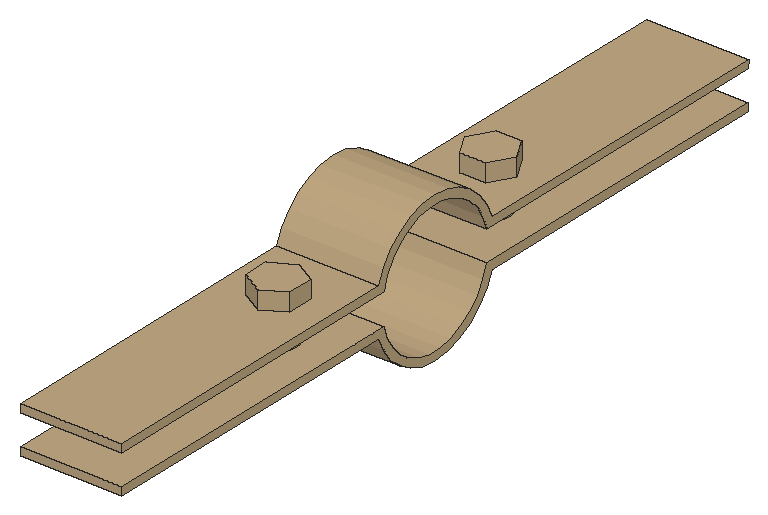
Revit family "7023 Riser Clamp Cu", category Pipe Accessories, Revit 2018
Family settings
  Round Connector Dimension = Use Diameter
  Part Type = Valve - Breaks Into
  Work Plane-Based = No
  Always vertical = Yes
  Cut with Voids When Loaded = No
  Shared = No
Parameters (values of type "7023 Riser Clamp Cu")
  Weight [instance] = size_lookup(LookupTable, "Weight", "NA", Nominal Diameter)  # "1.18 lbs."
  W1 [instance] = size_lookup(LookupTable, "W1", 0.000", Nominal Diameter)  # 1.250"
  URL = "http://www.fnw.com"
  Standards Lookup Table = "Standards"  # constant formula
  R1 [instance] = PIpe Radius + MT1  # 0.9125"
  Product ID [instance] = size_lookup(LookupTable, "ProductID", "NA", Nominal Diameter)  # "3859951"
  Pipe Diameter [instance] = size_lookup(Standards Lookup Table, "copper", 0.000", Nominal Diameter)  # 1.625"
  Part Number [instance] = size_lookup(LookupTable, "PartNumber", "NA", Nominal Diameter)  # "FNW7023EC0150"
  PIpe Radius [instance] = Pipe Diameter / 2  # 0.8125"
  Nominal Diameter [instance] = 1 1/2"
  MT1 [instance] = size_lookup(LookupTable, "MT1", 0.000", Nominal Diameter)  # 0.100"
  LookupTable = "7023 Riser Clamp Cu"  # constant formula
  Description BOM [instance] = size_lookup(LookupTable, "Description_BOM", "NA", Nominal Diameter)  # "1-1/2 7023 Riser Clamps Cu"
  Bolt diam [instance] = size_lookup(LookupTable, "BR_dia", 0.000", Nominal Diameter)  # 0.4375"
  BXTRA [instance] = size_lookup(LookupTable, "BXTRA", 0.000", Nominal Diameter)  # 0.3125"
  BXR [instance] = BR * 2.5  # 0.54688"
  BR [instance] = size_lookup(LookupTable, "BR_dia", 0.000", Nominal Diameter) / 2  # 0.21875"
  A [instance] = size_lookup(LookupTable, "A", 0.000", Nominal Diameter)  # 0.375"
  C [instance] = size_lookup(LookupTable, "C", 0.000", Nominal Diameter)  # 4.8125"
  B [instance] = size_lookup(LookupTable, "B", 0.000", Nominal Diameter)  # 1.635"
  2ndNut [instance] = BXTRA - BR  # 0.09375"
Reference planes (in)
  plane 1 "Center (Front/Back)": y = 0
  plane 2: z = 0
  plane 3 "Center (Left/Right)": x = 0
  plane 4: z = 0.2875
  plane 5: z = 0.1875
  plane 6: z = -0.2875
  plane 7: z = -0.1875
  plane 8: y = -4.8125
  plane 9: y = 4.8125
  plane 10: y = -1.635
  plane 11: x = -0.625
  plane 12: x = 0.625
  plane 13: y = 1.635
Forms (in)
  Extrusion 1, solid, material "Bronze, Cast"
    sketch origin (0, 0, 0) x (0, 1, 0) y (0, 0, 1)
      loop
        line (-0.79305, -0.1875) -> (-4.8125, -0.1875) -> (-4.8125, -0.2875) -> (-0.86603, -0.2875)
        arc (-0.86603, -0.2875) -> (0, -0.9125) -> (0.86603, -0.2875) r 0.9125
        line (0.86603, -0.2875) -> (4.8125, -0.2875) -> (4.8125, -0.1875) -> (0.79305, -0.1875)
        arc (0.79305, -0.1875) -> (0, -0.81491) -> (-0.79305, -0.1875) r 0.81491
      loop
        line (-4.8125, 0.2875) -> (-4.8125, 0.1875) -> (-0.79057, 0.1875)
        arc (-0.79057, 0.1875) -> (0, 0.8125) -> (0.79057, 0.1875) r 0.8125
        line (0.79057, 0.1875) -> (4.8125, 0.1875) -> (4.8125, 0.2875) -> (0.86603, 0.2875)
        arc (0.86603, 0.2875) -> (0, 0.9125) -> (-0.86603, 0.2875) r 0.9125
        line (-0.86603, 0.2875) -> (-4.8125, 0.2875)
    from -0.625 to 0.625
  Revolve 2, solid, material "Bronze, Cast"
    sketch origin (0, 0, 0) x (0, 1, 0) y (0, 0, 1)
      loop
        line (-1.635, 0.2875) -> (-1.635, -0.6) -> (-1.41625, -0.6) -> (-1.41625, 0.2875) -> (-1.635, 0.2875)
      axis (-1.635, 0.2875) -> (-1.635, -0.6)
    angle from 0 to 360
  Revolve 3, solid, material "Bronze, Cast"
    sketch origin (0, 0, 0) x (0, 1, 0) y (0, 0, 1)
      loop
        line (1.41625, 0.2875) -> (1.41625, -0.6) -> (1.635, -0.6) -> (1.635, 0.2875) -> (1.41625, 0.2875)
      axis (1.635, 0.2875) -> (1.635, -0.6)
    angle from 0 to 360
Lines and regions (in)
  model lines, style "center"
    curve 1: circle (0, 0, 0) r 0.8125 normal (1, 0, 0)
    curve 2: line (0, -4.8125, 0) -> (0, 4.8125, 0)
    curve 3: line (0, 0, 2.1095) -> (0, 0, -2.1095)
Text (in)
  text "2\" shown" at (0, 3.05506, -2.85058), in view "Right"
Dimensions and locks (in)
  "MT1": plane 6 to plane 7
  "MT1": plane 4 to plane 5
  "C": plane 8 to plane 1 "Center (Front/Back)"
  "C": plane 1 "Center (Front/Back)" to plane 9
  "B": plane 10 to plane 1 "Center (Front/Back)"
  equal spacing: plane 5, plane 2, plane 7
  "A": plane 5 to plane 7
  equal spacing: plane 11, plane 3 "Center (Left/Right)", plane 12
  "W1": plane 11 to plane 12
  equal spacing: curve 3, plane 2, curve 3
  "B": plane 13 to plane 1 "Center (Front/Back)"
  "BR": plane 10 to Revolve 2 sketch curve
  "BXTRA": Revolve 2 sketch curve to plane 6
  "BR": Revolve 3 sketch curve to plane 13
  "BXTRA": Revolve 3 sketch curve to plane 6
  nested 3 to nested 3 = 0.21875"
  "PIpe Radius": radius of curve 1
  "R1": radius of Extrusion 1 sketch curve  (x2)
  "PIpe Radius": radius of Extrusion 1 sketch curve
  aligned and locked: plane 2 to level
  aligned and locked: Extrusion 1 sketch curve to plane 4
  aligned and locked: plane 8 to Extrusion 1 sketch curve  (x2)
  aligned and locked: plane 5 to Extrusion 1 sketch curve
  aligned and locked: Extrusion 1 sketch curve to plane 7  (x2)
  aligned and locked: Extrusion 1 sketch curve to plane 6
  aligned and locked: plane 6 to Extrusion 1 sketch curve
  aligned and locked: Extrusion 1 sketch curve to plane 5
  aligned and locked: plane 4 to Extrusion 1 sketch curve
  aligned and locked: Extrusion 1 sketch curve to plane 9  (x2)
  aligned and locked: Extrusion 1 to plane 12
  aligned and locked: Extrusion 1 to plane 11
  aligned and locked: curve 2 to plane 2
  aligned and locked: plane 9 to curve 2
  aligned and locked: plane 8 to curve 2
  aligned and locked: Revolve 2 sketch curve to plane 4
  aligned and locked: plane 13 to Revolve 3 sketch curve  (x2)
  aligned and locked: Revolve 3 sketch curve to plane 4
Automatic sketch dimensions
  curve 3 to plane 1 "Center (Front/Back)" = 0.000"
  curve 1 to level = 0.000"
  curve 1 to plane 1 "Center (Front/Back)" = 0.000"
  plane 6 to curve 3 = 1.822"
  Extrusion 1 sketch curve to Extrusion 1 sketch curve = 0.000"  (x6)
  plane 6 to Extrusion 1 sketch curve = 0.000"
  plane 7 to Extrusion 1 sketch curve = 0.000"
  Extrusion 1 sketch curve to level = 0.000"
  Extrusion 1 sketch curve to plane 1 "Center (Front/Back)" = 0.000"
  Extrusion 1 sketch curve to Extrusion 1 sketch curve = 0.07298"
  Revolve 2 sketch curve to plane 10 = 0.000"  (x2)
  Revolve 2 sketch curve to Revolve 2 sketch curve = 0.87151"
  Revolve 2 sketch curve to Revolve 2 sketch curve = 0.572"
  Revolve 3 sketch curve to Revolve 3 sketch curve = 0.45093"
  Revolve 3 sketch curve to Revolve 3 sketch curve = 0.22734"
Nested families (in)
  nested 1: "nest hex nut" at (0, -1.635, 0.2875) x (0, 1, 0) z (0, 0, 1), BHX1 <- "BR", SCD3 <- "BXR", type "nest hex nut"
    with Weight "", SCR3 0.27344", SCD3 0.54688", Product ID "", Part Number "", Nominal Diameter 1/2", Description BOM "", Center of Hex 12.000", BHX1 0.21875"
  nested 2: "nest hex nut" at (0, 1.635, 0.2875) x (-1, 0, 0) z (0, 0, 1), BHX1 <- "BR", SCD3 <- "BXR", type "nest hex nut"
    with Weight "", SCR3 0.27344", SCD3 0.54688", Product ID "", Part Number "", Nominal Diameter 1/2", Description BOM "", Center of Hex 12.000", BHX1 0.21875"
  nested 3: "nest hex nut" at (0, -1.635, -0.50625) x (-1, 0, 0) z (0, 0, 1), BHX1 <- "BR", SCD3 <- "BXR", built-in parameter 1001364 <- "2ndNut", type "nest hex nut"
    with Weight "", SCR3 0.27344", SCD3 0.54688", Product ID "", Part Number "", Nominal Diameter 1/2", Description BOM "", Center of Hex 12.000", BHX1 0.21875"
  nested 4: "nest hex nut" at (0, 1.635, -0.50625) x (0, -1, 0) z (0, 0, 1), BHX1 <- "BR", SCD3 <- "BXR", built-in parameter 1001364 <- "2ndNut", type "nest hex nut"
    with Weight "", SCR3 0.27344", SCD3 0.54688", Product ID "", Part Number "", Nominal Diameter 1/2", Description BOM "", Center of Hex 12.000", BHX1 0.21875"
Definition of nested family "nest hex nut"
  Parameters (values of type "nest hex nut")
    Weight [instance] = ""
    URL = "http://www.fnw.com"
    Standards Lookup Table = "Standards"  # constant formula
    SCR3 [instance] = SCD3 / 2  # 0.500"
    SCD3 [instance] = 1.000"
    Product ID [instance] = ""
    Part Number [instance] = ""
    Nominal Diameter [instance] = 1/2"
    LookupTable = ""
    Description BOM [instance] = ""
    Default Elevation = 48.000"
    Center of Hex [instance] = 12.000"
    BHX1 [instance] = 0.70262"
    120 = 120.00°
  Reference planes (in)
    plane 1 "Center (Front/Back)": y = 0
    plane 2: z = 0
    plane 3 "Center (Left/Right)": x = 0
    plane 4: z = 0.70262
    plane 5: x = 0
  Forms (in)
    Extrusion 1, solid
      sketch origin (-12, 0, 0) x (1, 0, 0) y (0, 1, 0)
        loop
          line (12.57735, 0) -> (12.28868, 0.5) -> (11.71132, 0.5) -> (11.42265, 0) -> (11.71132, -0.5) -> (12.28868, -0.5) -> (12.57735, 0)
      from 0 to 0.70262
  Dimensions and locks (in)
    "BHX1": plane 4 to plane 2
    equal spacing: Extrusion 1 sketch curve, plane 5, Extrusion 1 sketch curve  (x2)
    equal spacing: Extrusion 1 sketch curve, plane 1 "Center (Front/Back)", Extrusion 1 sketch curve
    "SCD3": Extrusion 1 sketch curve to Extrusion 1 sketch curve  (x3)
    "120": angle Extrusion 1 sketch curve to Extrusion 1 sketch curve  (x5)
    aligned and locked: plane 2 to level
    aligned and locked: Extrusion 1 to plane 4
    aligned and locked: Extrusion 1 to plane 2
